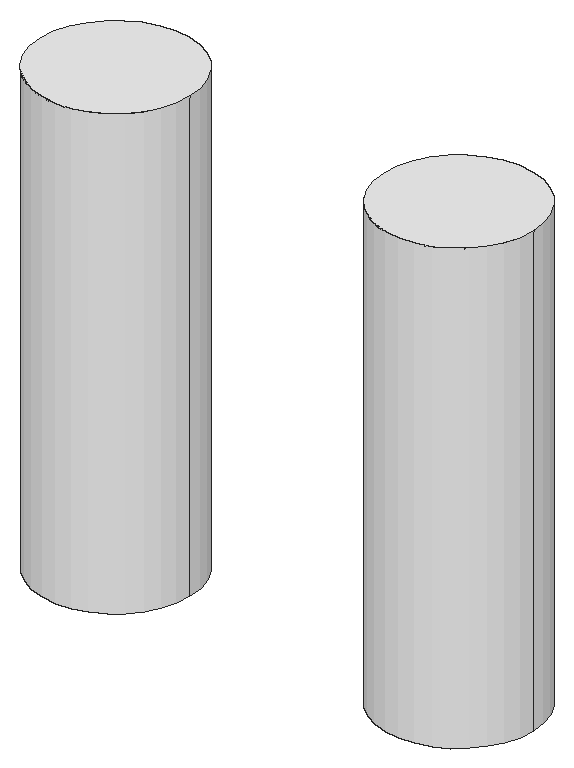
Revit family "090522830005(2022)", category Plumbing Fixtures, Revit 2018
Family settings
  Round Connector Dimension = Use Diameter
  Part Type = Normal
  OmniClass Number = 23.45.55.00
  OmniClass Title = Sanitary Faucets, Wastes
  Work Plane-Based = No
  Always vertical = Yes
  Cut with Voids When Loaded = No
  Shared = No
  Room Calculation Point = No
Parameters (values of type "090522830005 Washbasin faucet ")
  WorkingPressure = "50 - 1000 kPa"
  Working Pressure = "50 - 1000 kPa"
  WarrantyStartDate [instance] = "n/a"
  WarrantyGuarantorParts = "n/a"
  WarrantyGuarantorLabor = "n/a"
  WarrantyDurationUnit = "Year"
  WarrantyDurationParts = "n/a"
  WarrantyDurationLabor = "n/a"
  WarrantyDescription = "http://warranty.hansa.com"
  Warranty Information URL = "http://warranty.hansa.com"
  VersionDate = "01/07/2022"
  Version = "2"  # constant formula
  ValvePattern = "n/a"
  ValveOperation = "n/a"
  ValveMechanism = "n/a"
  Uniclass2015Reference = "Pr_40_20_87_96"
  Uniclass2015Description = "Washbasin manual water supply sets"
  Uniclass2 = "Pr_40_30_96_96"
  URL REACH = "http://static.hansa.com/doc/reach"
  URL KIWA = "http://static.hansa.com/Kiwa/090522830005"
  URL Declaration of Conformity = "http://static.hansa.com/DoC/090522830005"
  URL DVGW = "http://static.hansa.com/DVGW/090522830005"
  URL ABP = "http://static.hansa.com/ABP/090522830005"
  URL = ""
  UNSPSC Class Number = "30181700 Faucets or taps"
  TestPressure = "n/a"
  Temperature Adjustments = "Limitation option for maximum temperature and flow-rate ;Adjustable hot water stop (included, retrofittable)"
  Technical DataSheet URL = "http://www.hansa.com/datasheet/090522830005/en"
  TagNumber [instance] = "n/a"
  SustainabilityPerformance = "n/a"
  Surface treatment = "Chrome"
  Spout Type = "Fixed spout"
  Spout Projection = "121 mm"
  Spare-Part Information URL = "http://static.hansa.com/sp/090522830005"
  Size = "50x155x145 mm"
  Shape = "Sculptured"
  SerialNumber [instance] = "n/a"
  Sales Package dimensions (LxWxH) = "380 x 180 x 74"
  Revision = "2"  # constant formula
  ReplacementCost = "n/a"
  ProductInformation = "n/a"
  Product URL = "http://static.hansa.com/090522830005"
  Product Image URL = "http://static.hansa.com/image/090522830005"
  Product Family = "HANSATWIST Eco"
  Product Code = "090522830005"
  OperatingMechanismMaterial = "n/a"
  NominalWidth = 48.471 mm
  NominalHeight = 142.775 mm
  NominalDepth = 156.697 mm
  Noise Class = "I (ISO 3822)"
  Name_en = "090522830005 Washbasin faucet"
  Name = "090522830005 Washbasin faucet"
  NBSReference = "45-35-70/371"
  NBSDescription = "Water supply fittings for wash basins and troughs"
  Mounting Holes = "1 hole"
  ModelReference = "090522830005"
  ModelNumber = "n/a"
  Model = "090522830005 Washbasin faucet"
  Mobile Product Information URL = "http://mpi.hansa.com/090522830005"
  Mechanical Parts = "ø 35 mm ceramic cartridge for flow and temperature control"
  Max. Hot Water Supply = 70 °C
  Material = "Brass"
  Market = "International;Germany;Austria;Belgium;Netherlands;Czech Republic;Slovakia;Italy"
  ManufacturerURL = "http://www.hansa.com"
  ManufacturerName = "HANSA"
  Manufacturer = "HANSA"
  Lever Handle = "Single operating lever/handle;Hot/Cold symbols"
  Keynote = ""
  Interactive AR View URL = "https://static.hansa.com/AR/090522830005"
  InstallationDate [instance] = "n/a"
  Installation and Maintenance Guide URL = "http://static.hansa.com/manual/090522830005"
  Installation Type = "Deck mounted"
  InletConnectionSize = 10 mm
  IfcExportType = "FAUCET"  # constant formula
  IfcExportAs = "IfcValveType"  # constant formula
  Group = "Washbasin faucet"
  Grade = "n/a"
  FlowCoefficient = 0
  Flow Rate At 300kPa With Flow Controller = 0.07 L/s
  Flow Drawing URL = "http://static.hansa.com/flowchart/090522830005"
  Finish = "Polished"
  Features = "Single-lever"
  FaucetMainMaterial = Brass
  FDV Document URL = "http://www.hansa.com/datasheet/090522830005/en/fdv"
  ExpectedLife = "n/a"
  Excluded Items = "Without pop-up waste;Without draw-rod opening"
  ETIM Class Number = "EC011328 Washbasin mixing tap"
  EN Standard = "EN 817"
  EAN Number = "4057304018305"
  DurationUnit = "Year"
  Dimension Drawing URL = "http://static.hansa.com/dimdrw/090522830005"
  Description = ""
  DefaultElevation [instance] = 900 mm
  Constituents = "n/a"
  Connection Size = "G3/8"
  Connection = "Flexible inlet pipes"
  Color = "Black Matt"
  CodePerformance = "n/a"
  CloseOffRating = 0
  Catalog Drawing URL = "http://static.hansa.com/catdrw/090522830005"
  Brand = "HANSA"
  BodyMaterial = "Brass"
  Barcode [instance] = "n/a"
  Backflow Prevention EN1717 = "AA"
  BIMObjectName = "090522830005(2022)"
  Author = "BIMStone"
  AssetType = "Fixed"
  AssetIdentifier [instance] = "n/a"
  Approval KIWA = "K6116/08"
  Approval DVGW = "NW-6506CQ0410"
  Approval ABP = "P-IX 29261/IA"
  Aerator = "PCA® - constant flow rate regardless of pressure variations"
  Advanced Features = "Inner body made of DZR brass;Rapid installation system"
  AccessibilityPerformance = "n/a"
  3D View = "https://static.hansa.com/3D/090522830005"
  2D/3D/BIM Files URL = "http://static.hansa.com/bim/090522830005"
Reference planes
  plane 1 "Center (Front/Back)": y = 0
  plane 2: z = 0
  plane 3 "Center (Left/Right)": x = 0
  plane 4: x = -24.236
  plane 5: z = 900
  plane 6: z = 870
  plane 7: y = -156.697
  plane 8: x = 24.236
  plane 9: z = 1042.775
Forms (mm)
  Extrusion 1, solid, material "Brass" <- "FaucetMainMaterial"
    sketch origin (0, -1.121, 0) x (1, 0, 0) y (0, 1, 0)
      loop
        circle (-11.5, -22.5) r 5
      loop
        circle (11.5, -22.5) r 5
    from 870 to 900
Dimensions and locks
  "DefaultElevation": plane 5 to level
  locked: plane 5 to plane 6 at 30
  "NominalDepth": plane 7 to plane 1 "Center (Front/Back)"
  equal spacing: plane 4, plane 3 "Center (Left/Right)", plane 8
  "NominalHeight": plane 9 to plane 5
  "NominalWidth": plane 4 to plane 8
  "InletConnectionSize": diameter of Extrusion 1 sketch curve  (x2)
  aligned and locked: level to plane 2
  aligned and locked: plane 5 to Extrusion 1
  aligned and locked: Extrusion 1 to plane 6
  aligned and locked: nested 2 to plane 5
Automatic sketch dimensions
  Extrusion 1 sketch curve to plane 3 "Center (Left/Right)" = 11.5 mm
  plane 3 "Center (Left/Right)" to Extrusion 1 sketch curve = 11.5 mm
  plane 1 "Center (Front/Back)" to Extrusion 1 sketch curve = 23.621 mm
  Extrusion 1 sketch curve to Extrusion 1 sketch curve = 0 mm
Nested families
  nested 1: "Symbol" at (0, 0, 0), type "Symbol", detail levels coarse
  nested 2: "090522830005(2022)_p" at (0, 0, 900), Material <- "FaucetMainMaterial", type "090522830005(2022)_p"
    with Material Brass
Connectors
  piping at (-11.5, -23.621, 870), diameter 10, driven by "InletConnectionSize"
    settings: on Extrusion 1, index 1, connector inside diameter 609.6 mm, connector length 0 mm, flow factor 0, pipe flow 0.0 L/s, pressure drop 0.0 Pa, fitting loss kfactor 0, connector angle 0.00°, fixture units 0, engagement length 0 mm, angle of deflection 0.00°, flow configuration 1, flow direction 1, fitting loss method 0, system type 19, joint type 0, gender type 0, connector reference index -1, connector utility 0, adjustable connector no, is connector primary yes, connector description ""
  piping at (11.5, -23.621, 870), diameter 10, driven by "InletConnectionSize"
    settings: on Extrusion 1, index 2, connector inside diameter 609.6 mm, connector length 0 mm, flow factor 0, pipe flow 0.0 L/s, pressure drop 0.0 Pa, fitting loss kfactor 0, connector angle 0.00°, fixture units 0, engagement length 0 mm, angle of deflection 0.00°, flow configuration 1, flow direction 1, fitting loss method 0, system type 20, joint type 0, gender type 0, connector reference index -1, connector utility 0, adjustable connector no, is connector primary no, connector description ""
Definition of nested family "Symbol"
  Reference planes
    plane 1: y = 0
    plane 2: x = 0
  Lines and regions (mm)
    detail lines
      curve 1: line (0, 0, 0) -> (0, -1.8, 0)
      curve 2: line (-0.4, -1.1, 0) -> (0.4, -1.1, 0)
      curve 3: line (-0.4, -1.4, 0) -> (0.4, -1.4, 0)
      curve 4: line (0.863, 0, 0) -> (-0.863, 0, 0)
      curve 5: circle (-1.163, 0, 0) r 0.3 normal (0, 0, -1)
      curve 6: circle (1.163, 0, 0) r 0.3 normal (0, 0, 1)
